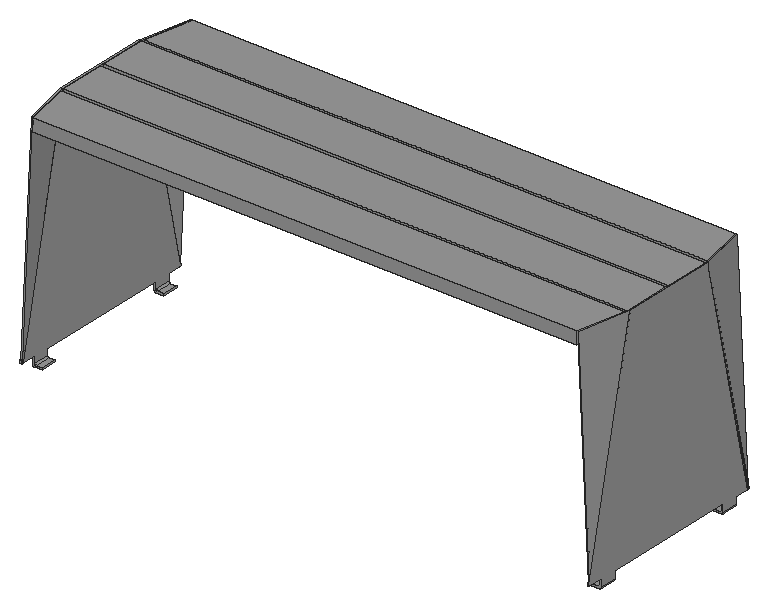
Revit family "Стол садовый «Монс» Арт 19934", category Антураж, Revit 2018
Family settings
  На основе рабочей плоскости = Нет
  Всегда вертикально = Да
  При загрузке вырезать с полостями = Нет
  Источник визуального образа = Геометрия семейства
  Общий = Нет
  Точка расчета площади = Нет
Parameters (values of type "Стол садовый «Монс»")
  Ширина = 630 mm  # constant formula
  Цвет лавки = Дерево
  Описание = "Стол садовый «Монс»"  # constant formula
  Материал изделия = "Сталь, дерево"  # constant formula
  Изображение типоразмера = Стол садовый «Монс» Арт 19934.png
  Изготовитель = "ООО «Хоббика»"  # constant formula
  Длина = 1800 mm  # constant formula
  Группа модели = "Садовая и дачная мебель"  # constant formula
  Высота = 740 mm  # constant formula
  Артикул товара = "Арт. 19934"  # constant formula
  URL = "https://hobbyka.ru/product/stol_sadovyy_mons/"
Reference planes
  plane 1 "По центру (Вперед/Назад)": y = 0
  plane 2: z = 0
  plane 3 "По центру (Влево/Вправо)": x = 0
  plane 4: x = 1800
  plane 5: y = 630
  plane 6: z = 740
Forms (mm)
  Extrusion 1, solid, material "Дерево" <- "Цвет лавки"
    sketch origin (-8.396, 160, 0) x (1, 0, 0) y (0, 1, 0)
      loop
        line (13.396, 0) -> (1803.396, 0) -> (1803.396, 150) -> (13.396, 150) -> (13.396, 0)
      loop
        line (13.396, 160) -> (1803.396, 160) -> (1803.396, 310) -> (13.396, 310) -> (13.396, 160)
      loop
        line (13.396, 320) -> (1803.396, 320) -> (1803.396, 470) -> (13.396, 470) -> (13.396, 320)
      loop
        line (13.396, -160) -> (1803.396, -160) -> (1803.396, -10) -> (13.396, -10) -> (13.396, -160)
    from 700 to 740
  Extrusion 2, void
    sketch origin (-8.396, 160, 0) x (1, 0, 0) y (0, 1, 0)
      loop
        line (47.214, 470) -> (8.396, 470) -> (8.396, 310) -> (13.391, 310) -> (47.214, 470)
    from 700 to 740
  Extrusion 3, void
    sketch origin (1808.396, 160, 0) x (-1, 0, 0) y (0, -1, 0)
      loop
        line (47.214, -470) -> (13.391, -310) -> (8.396, -310) -> (8.396, -470) -> (47.214, -470)
    from 700 to 740
  Extrusion 4, void
    sketch origin (-8.396, 470, 0) x (1, 0, 0) y (0, 1, 0)
      loop
        line (47.214, -470) -> (13.391, -310) -> (8.396, -310) -> (8.396, -470) -> (47.214, -470)
    from 700 to 740
  Extrusion 5, void
    sketch origin (1808.396, 470, 0) x (-1, 0, 0) y (0, -1, 0)
      loop
        line (47.214, 470) -> (8.396, 470) -> (8.396, 310) -> (13.391, 310) -> (47.214, 470)
    from 700 to 740
Cuts and joins
  Extrusion 2, Extrusion 3, Extrusion 4, Extrusion 5 cuts Extrusion 1
Dimensions and locks
  "Ширина": plane 5 to plane 1 "По центру (Вперед/Назад)"
  "Длина": plane 3 "По центру (Влево/Вправо)" to plane 4
  "Высота": plane 6 to level
  aligned and locked: level to plane 2
  aligned and locked: plane 4 to nested 2
Automatic sketch dimensions
  plane 1 "По центру (Вперед/Назад)" to Extrusion 1 sketch curve = 0 mm
  Extrusion 1 sketch curve to plane 5 = 0 mm
  plane 3 "По центру (Влево/Вправо)" to Extrusion 1 sketch curve = 5 mm  (x4)
  Extrusion 1 sketch curve to plane 4 = 5 mm  (x4)
  Extrusion 1 sketch curve to Extrusion 1 sketch curve = 150 mm  (x3)
  Extrusion 1 sketch curve to Extrusion 1 sketch curve = 10 mm  (x3)
  Extrusion 2 sketch curve to plane 3 "По центру (Влево/Вправо)" = 0 mm
  Extrusion 2 sketch curve to plane 5 = 0 mm
  Extrusion 2 sketch curve to Extrusion 2 sketch curve = 4.995 mm
  Extrusion 2 sketch curve to Extrusion 2 sketch curve = 38.818 mm
  Extrusion 2 sketch curve to Extrusion 2 sketch curve = 160 mm
  Extrusion 3 sketch curve to plane 4 = 0 mm
  Extrusion 3 sketch curve to plane 5 = 0 mm
  Extrusion 3 sketch curve to plane 4 = 4.995 mm
  Extrusion 3 sketch curve to Extrusion 3 sketch curve = 38.818 mm
  Extrusion 3 sketch curve to plane 5 = 160 mm
  plane 1 "По центру (Вперед/Назад)" to Extrusion 4 sketch curve = 0 mm
  Extrusion 4 sketch curve to plane 3 "По центру (Влево/Вправо)" = 0 mm
  plane 3 "По центру (Влево/Вправо)" to Extrusion 4 sketch curve = 4.995 mm
  plane 3 "По центру (Влево/Вправо)" to Extrusion 4 sketch curve = 38.818 mm
  Extrusion 4 sketch curve to plane 1 "По центру (Вперед/Назад)" = 160 mm
  plane 1 "По центру (Вперед/Назад)" to Extrusion 5 sketch curve = 0 mm
  Extrusion 5 sketch curve to plane 4 = 0 mm
  Extrusion 5 sketch curve to Extrusion 5 sketch curve = 4.995 mm
  Extrusion 5 sketch curve to Extrusion 5 sketch curve = 38.818 mm
  Extrusion 5 sketch curve to plane 1 "По центру (Вперед/Назад)" = 160 mm
Nested families
  nested 1: "Стол садовый «Монс» Арт 19934 опора" at (0, 0, 0), type "Стол садовый «Монс» Арт 19934 опора"
  nested 2: "Стол садовый «Монс» Арт 19934 опора" at (1800, 0, 0) x (-1, 0, 0) z (0, 0, 1), type "Стол садовый «Монс» Арт 19934 опора"
Definition of nested family "Стол садовый «Монс» Арт 19934 опора"
  Parameters (values of type "Стол садовый «Монс» Арт 19934 опора")
    Цвет опоры = none
    Height = 0 mm
  Reference planes
    plane 1 "По центру (Вперед/Назад)": y = 0
    plane 2: z = 0
    plane 3 "По центру (Влево/Вправо)": x = 0
    plane 4: y = 630
    plane 5: z = 740
  Forms (mm)
    Extrusion 1, solid, material <- "Цвет опоры"
      sketch origin (0, -30, 0) x (1, 0, 0) y (0, 1, 0)
        loop
          line (0, 660) -> (0, 30) -> (5, 30) -> (5, 660) -> (0, 660)
      from 30 to 740
    Extrusion 2, void
      sketch origin (0, -30, 0) x (0, 1, 0) y (0, 0, 1)
        loop
          line (660, 30) -> (660, 740) -> (500, 740) -> (660, 30)
      from 0 to 5
    Extrusion 3, solid, material <- "Цвет опоры"
      sketch origin (-131.698, 11.219, 5.36) x (0.206817, 0.978332, -0.009681) y (0.046759, 0, 0.998906)
        loop
          line (470, 740) -> (630, 30) -> (630, 740) -> (470, 740)
      from 0 to 5
    Extrusion 4, void
      sketch origin (0, 660, 0) x (0, -1, 0) y (0, 0, -1)
        loop
          line (660, -30) -> (500, -740) -> (660, -740) -> (660, -30)
      from 0 to 5
    Extrusion 5, solid, material <- "Цвет опоры"
      sketch origin (-131.698, 618.781, 5.36) x (0.206817, -0.978332, -0.009681) y (-0.046759, 0, -0.998906)
        loop
          line (470, -740) -> (630, -740) -> (630, -30) -> (470, -740)
      from 0 to 5
    Extrusion 6, solid, material <- "Цвет опоры"
      sketch origin (0, 0, 0) x (1, 0, 0) y (0, 0, 1)
        loop
          line (0, 30) -> (0, 5)
          arc (0, 5) -> (1.464, 1.464) -> (5, 0) r 5
          line (5, 0) -> (30, 0) -> (30, 5) -> (10, 5)
          arc (10, 5) -> (6.464, 6.464) -> (5, 10) r 5
          line (5, 10) -> (5, 30) -> (0, 30)
      from -50 to -100
    Extrusion 7, solid, material <- "Цвет опоры"
      sketch origin (0, 0, 0) x (1, 0, 0) y (0, 0, 1)
        loop
          line (0, 30) -> (0, 5)
          arc (0, 5) -> (1.464, 1.464) -> (5, 0) r 5
          line (5, 0) -> (30, 0) -> (30, 5) -> (10, 5)
          arc (10, 5) -> (6.464, 6.464) -> (5, 10) r 5
          line (5, 10) -> (5, 30) -> (0, 30)
      from -530 to -580
  Cuts and joins
    Extrusion 2, Extrusion 4 cuts Extrusion 1
    joined: Extrusion 1, Extrusion 6, Extrusion 7
    Extrusion 4 cuts Extrusion 3
  Dimensions and locks
    plane 5 to level = 740 mm
    aligned and locked: level to plane 2
